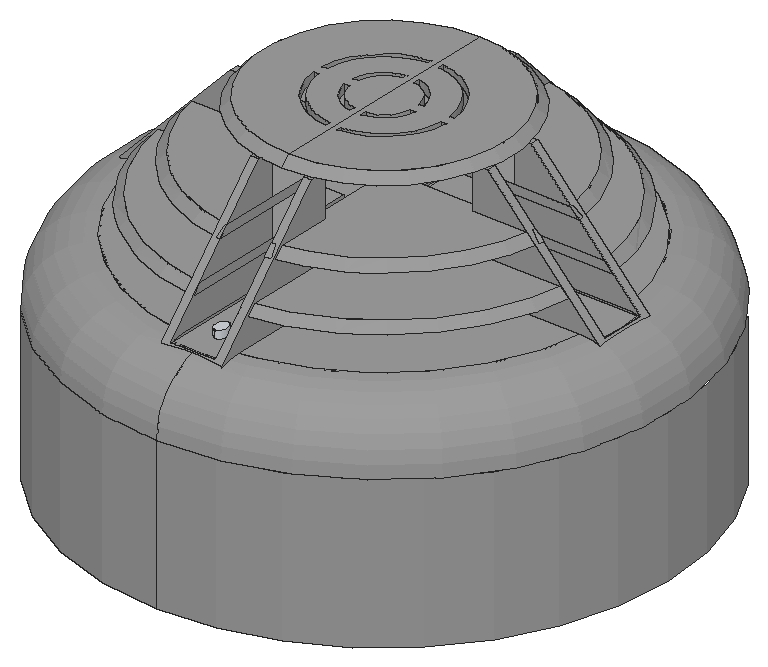
Revit family "Dougs", category Fire Alarm Devices, Revit 2014
Parameters (values of type "Notifier by Honeywell OPAL Photoelectric Smoke Detector NFXI-OPT")
  Zone number = ""
  URL = "www.notifierfiresystems.co.uk"
  Tel No. = "+44 (0) 1273 897000"
  Product Code = "NFXI-OPT"
  Model = "OPAL Optical Smoke Detector"
  Manufacturer = "Notifier by Honeywell"
  Loop number = ""
  Fax No. = "+44 (0) 1273 376894"
  Email = "sales@notifierefiresystems.co.uk"
  Detector number = ""
  Description = "Photoelectric Smoke Detector"
  Control Panel name = ""
  Assembly Code = "D4090900"
  Address line 1 = "Caburn House, Brooks Road, Lewes, E. Sussex BN7 2BY"
Reference planes
  plane 1 "Center (Front/Back)": y = 0
  plane 2: z = 0
  plane 3 "Center (Left/Right)": x = 0
Forms (mm)
  Revolve 1, solid, material "ALARM"
    sketch origin (0, 0, 0) x (0, 1, 0) y (0, 0, 1)
      loop
        line (0, 0) -> (0, 38) -> (-40.013, 38)
        arc (-40.013, 38) -> (-47.782, 34.782) -> (-51, 27.013) r 10.987
        line (-51, 27.013) -> (-51, 0) -> (0, 0)
      axis (0, 0) -> (0, 38)
    angle from 0 to 360
  Revolve 2, solid, material "ALARM"
    sketch origin (0, 0, 0.963) x (0, 1, 0) y (0, 0, 1)
      loop
        line (0, 42.008) -> (0, 43.481) -> (-36.478, 43.481) -> (-37.952, 42.008) -> (0, 42.008)
      axis (0, 42.008) -> (0, 43.481)
    angle from 0 to 360
  Revolve 3, solid, material "ALARM"
    sketch origin (0, 0, 2.04) x (0, 1, 0) y (0, 0, 1)
      loop
        line (0, 47.478) -> (0, 49.008) -> (-30.473, 49.008) -> (-32.003, 47.478) -> (0, 47.478)
      axis (0, 49.008) -> (0, 47.478)
    angle from 0 to 360
  Extrusion 4, solid, material "ALARM"
    sketch origin (0, 0, 0) x (0, 1, 0) y (0, 0, 1)
      loop
        line (-23.011, 58.51) -> (-43.62, 36.801) -> (-20.19, 36.801) -> (-20.19, 58.51) -> (-23.011, 58.51)
    from -5.5 to 5.5
  Extrusion 5, void
    sketch origin (0, 0, 0) x (1, 0, 0) y (0, 0, 1)
      loop
        line (4, 58.51) -> (-4, 58.51) -> (-4, 37.718) -> (4, 37.718) -> (4, 58.51)
    from 47.446 to 0
  Extrusion 6, solid
    sketch origin (0, 0, 0) x (1, 0, 0) y (0, 1, 0)
      loop
        spline (0, -37.899) -> (0.259, -37.849) -> (0.501, -37.703) -> (0.709, -37.47) -> (0.868, -37.167) -> (0.968, -36.813) -> (1.002, -36.434) -> (0.968, -36.055) -> (0.868, -35.702) -> (0.709, -35.399) -> (0.501, -35.166) -> (0.259, -35.02) -> (0, -34.97)
        spline (0, -34.97) -> (-0.259, -35.02) -> (-0.501, -35.166) -> (-0.709, -35.399) -> (-0.868, -35.702) -> (-0.968, -36.055) -> (-1.002, -36.434) -> (-0.968, -36.813) -> (-0.868, -37.167) -> (-0.709, -37.47) -> (-0.501, -37.703) -> (-0.259, -37.849) -> (0, -37.899)
      loop
        spline (0, 34.972) -> (0.269, 35.022) -> (0.52, 35.168) -> (0.735, 35.401) -> (0.9, 35.703) -> (1.004, 36.056) -> (1.04, 36.434) -> (1.004, 36.813) -> (0.9, 37.165) -> (0.735, 37.468) -> (0.52, 37.701) -> (0.269, 37.847) -> (0, 37.896)
        spline (0, 37.896) -> (-0.269, 37.847) -> (-0.52, 37.701) -> (-0.735, 37.468) -> (-0.9, 37.165) -> (-1.004, 36.813) -> (-1.04, 36.434) -> (-1.004, 36.056) -> (-0.9, 35.703) -> (-0.735, 35.401) -> (-0.52, 35.168) -> (-0.269, 35.022) -> (0, 34.972)
    from 30 to 39
  Revolve 7, solid, material "ALARM"
    sketch origin (0, 0, 11.032) x (0, 1, 0) y (0, 0, 1)
      loop
        line (0, 47.478) -> (0, 49.008) -> (-21.481, 49.008) -> (-23.011, 47.478) -> (0, 47.478)
      axis (0, 49.008) -> (0, 47.478)
    angle from 0 to 360
  Extrusion 8, solid, material "ALARM"
    sketch origin (0, 0, 0) x (-1, 0, 0) y (0, 0, 1)
      loop
        line (-23.011, 58.51) -> (-43.62, 36.801) -> (-20.19, 36.801) -> (-20.19, 58.51) -> (-23.011, 58.51)
    from -5.5 to 5.5
  Extrusion 9, void
    sketch origin (0, 0, 0) x (0, 1, 0) y (0, 0, 1)
      loop
        line (4, 58.51) -> (-4, 58.51) -> (-4, 37.718) -> (4, 37.718) -> (4, 58.51)
    from 47.446 to 0
  Extrusion 10, solid, material "ALARM"
    sketch origin (0, 0, 0) x (0, -1, 0) y (0, 0, 1)
      loop
        line (-23.011, 58.51) -> (-43.62, 36.801) -> (-20.19, 36.801) -> (-20.19, 58.51) -> (-23.011, 58.51)
    from -5.5 to 5.5
  Extrusion 11, void
    sketch origin (0, 0, 0) x (-1, 0, 0) y (0, 0, 1)
      loop
        line (4, 58.51) -> (-4, 58.51) -> (-4, 37.718) -> (4, 37.718) -> (4, 58.51)
    from 47.446 to 0
  Extrusion 12, solid, material "ALARM"
    sketch origin (0, 0, 0) x (1, 0, 0) y (0, 0, 1)
      loop
        line (-23.011, 58.51) -> (-43.62, 36.801) -> (-20.19, 36.801) -> (-20.19, 58.51) -> (-23.011, 58.51)
    from -5.5 to 5.5
  Extrusion 13, void
    sketch origin (0, 0, 0) x (0, -1, 0) y (0, 0, 1)
      loop
        line (4, 58.51) -> (-4, 58.51) -> (-4, 37.718) -> (4, 37.718) -> (4, 58.51)
    from 47.446 to 0
  Extrusion 14, void
    sketch origin (0, 0, 0) x (1, 0, 0) y (0, 1, 0)
      loop
        line (-11.914, 1) -> (-10.91, 1)
        arc (-10.91, 1) -> (-7.747, 7.747) -> (-1, 10.91) r 10.956
        line (-1, 10.91) -> (-1, 11.914)
        arc (-1, 11.914) -> (-8.454, 8.454) -> (-11.914, 1) r 11.956
      loop
        line (-6.427, 1) -> (-5.413, 1)
        arc (-5.413, 1) -> (-3.892, 3.892) -> (-1, 5.413) r 5.504
        line (-1, 5.413) -> (-1, 6.427)
        arc (-1, 6.427) -> (-4.599, 4.599) -> (-6.427, 1) r 6.504
      loop
        arc (-11.914, -1) -> (-8.454, -8.454) -> (-1, -11.914) r 11.956
        line (-1, -11.914) -> (-1, -10.91)
        arc (-1, -10.91) -> (-7.747, -7.747) -> (-10.91, -1) r 10.956
        line (-10.91, -1) -> (-11.914, -1)
      loop
        arc (-6.427, -1) -> (-4.599, -4.599) -> (-1, -6.427) r 6.504
        line (-1, -6.427) -> (-1, -5.413)
        arc (-1, -5.413) -> (-3.892, -3.892) -> (-5.413, -1) r 5.504
        line (-5.413, -1) -> (-6.427, -1)
      loop
        arc (11.914, 1) -> (8.454, 8.454) -> (1, 11.914) r 11.956
        line (1, 11.914) -> (1, 10.91)
        arc (1, 10.91) -> (7.747, 7.747) -> (10.91, 1) r 10.956
        line (10.91, 1) -> (11.914, 1)
      loop
        arc (6.427, 1) -> (4.599, 4.599) -> (1, 6.427) r 6.504
        line (1, 6.427) -> (1, 5.413)
        arc (1, 5.413) -> (3.892, 3.892) -> (5.413, 1) r 5.504
        line (5.413, 1) -> (6.427, 1)
      loop
        line (11.914, -1) -> (10.91, -1)
        arc (10.91, -1) -> (7.747, -7.747) -> (1, -10.91) r 10.956
        line (1, -10.91) -> (1, -11.914)
        arc (1, -11.914) -> (8.454, -8.454) -> (11.914, -1) r 11.956
      loop
        line (6.427, -1) -> (5.413, -1)
        arc (5.413, -1) -> (3.892, -3.892) -> (1, -5.413) r 5.504
        line (1, -5.413) -> (1, -6.427)
        arc (1, -6.427) -> (4.599, -4.599) -> (6.427, -1) r 6.504
    from 55 to 65
Cuts and joins
  Extrusion 5, Extrusion 9, Extrusion 11, Extrusion 13 cuts Revolve 1
  Extrusion 5, Extrusion 9, Extrusion 11, Extrusion 13 cuts Revolve 2
  Extrusion 5, Extrusion 9, Extrusion 11, Extrusion 13 cuts Revolve 3
  Extrusion 5, Extrusion 9 cuts Extrusion 4
  Extrusion 9, Extrusion 11 cuts Extrusion 6
  Extrusion 9, Extrusion 11, Extrusion 13, Extrusion 14 cuts Revolve 7
  Extrusion 9 cuts Extrusion 8
  Extrusion 11 cuts Extrusion 10
  Extrusion 13 cuts Extrusion 12
